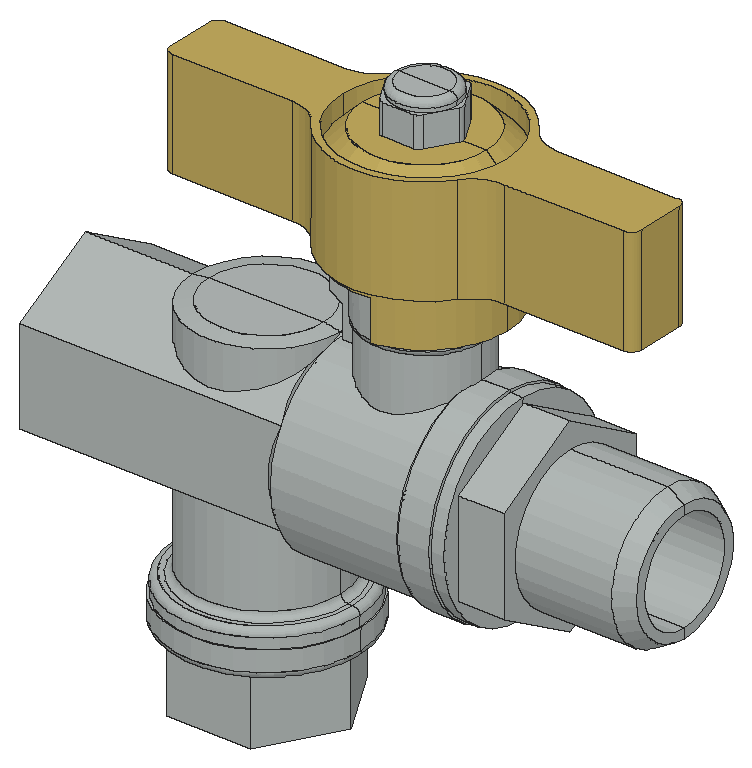
Revit family "QP11280000", category Apparecchi idraulici, Revit 2020
Family settings
  Quota connettore circolare = Usa diametro
  Tipo di parte = Normale
  Numero OmniClass = 23.45.00.00
  Titolo OmniClass = Sanitary, Laundry, and Cleaning Equipment
  Basato su piano di lavoro = No
  Sempre verticale = Sì
  Taglio con vuoti quando caricato = No
  Condiviso = No
  Punto di calcolo locali = No
Parameters
  URL = "https://web.cimberio.com/index.php/figura/1659?subcategoria_id="
  Temperatura di esercizio = ""
  Prospetto di default = 0 mm
  Produttore = "CIMBERIO SPA"
  Pressione nominale = ""
  Modello = "Cim 620MAG"
  Materiale = ""
  Description = ""
  DN Model [instance] = QP11281015 : QP11281015
  DN [instance] = 15 mm
  Commenti sul tipo = "Realizzato in ottemperanza ai requisiti gestionali della norma EN ISO 9001.\r\nCollaudato al 100% secondo la normativa EN 12266-1"
Reference planes
  plane 1 "Centro (Fronte/Retro)": y = 0
  plane 2: z = 0
  plane 3 "Centro (Sinistra/Destra)": x = 0
Dimensions and locks
  aligned and locked: level to plane 2
Nested families
  nested 1: "QP11281015" at (0, 0, 0), type <- "DN Model", type "QP11281015"
  nested 2: "QP11281015" at (0, 0, 0), type <- "DN Model", type "QP11281015"
  nested 3: "QP11281015" at (0, 0, 0), type <- "DN Model", type "QP11281015"
Connectors
  piping at (38.6, 0, 0), diameter 15, driven by "DN"
    settings: on nested 1, index 1, connector inside diameter 609.6 mm, connector length 0 mm, flow factor 0, pipe flow 0.0 L/s, pressure drop 0.0 Pa, fitting loss kfactor 0, connector angle 0.00°, fixture units 0, engagement length 0 mm, angle of deflection 0.00°, flow configuration 0, flow direction 0, fitting loss method 0, system type 7, joint type 0, gender type 0, connector reference index -1, connector utility 0, adjustable connector no, is connector primary yes, connector description ""
  piping at (-50.5, 0, 0), diameter 15, driven by "DN"
    settings: on nested 1, index 2, connector inside diameter 609.6 mm, connector length 0 mm, flow factor 0, pipe flow 0.0 L/s, pressure drop 0.0 Pa, fitting loss kfactor 0, connector angle 0.00°, fixture units 0, engagement length 0 mm, angle of deflection 0.00°, flow configuration 0, flow direction 0, fitting loss method 0, system type 7, joint type 0, gender type 0, connector reference index -1, connector utility 0, adjustable connector no, is connector primary no, connector description ""
Definition of nested family "QP11281015"
  Parameters (values of type "QP11281015")
    Default Elevation = 0 mm
  Reference planes
    plane 1 "Centro (Fronte/Retro)": y = 0
    plane 2: z = 0
    plane 3 "Centro (Sinistra/Destra)": x = 0
  Forms (mm)
    Extrusion 1, solid
      sketch origin (0, 0, 0) x (0, 0, -1) y (0, 1, 0)
        loop
          circle (0, 0) r 7.5
        loop
          line (-14, 0) -> (-7, -12.124) -> (7, -12.124) -> (14, 0) -> (7, 12.124) -> (-7, 12.124) -> (-14, 0)
      from -50.5 to -11
    Extrusion 2, solid
      sketch origin (0, 0, 0) x (0, 0, 1) y (0, -1, 0)
        loop
          circle (0, 0) r 7.5
        loop
          line (14.05, 0) -> (7.025, 12.168) -> (-7.025, 12.168) -> (-14.05, 0) -> (-7.025, -12.168) -> (7.025, -12.168) -> (14.05, 0)
      from 14.6 to 21.6
    Revolve 3, solid
      sketch origin (0, 0, 2.5) x (1, 0, 0) y (0, 0, 1)
        loop
          line (0, 43.3) -> (-9.25, 43.3) -> (-12.25, 40.3) -> (-12.25, 20.3) -> (-7.802, 20.3) -> (-7.802, 39.889) -> (0, 39.889) -> (0, 43.3)
        axis (0, 43.3) -> (0, 20.3)
      angle from 0 to 360
    Extrusion 4, void
      sketch origin (0, 0, 0) x (1, 0, 0) y (0, 1, 0)
        loop
          arc (-12.226, -0.772) -> (-7.782, -9.46) -> (1.6, -12.145) r 12.25
          line (1.6, -12.145) -> (1.6, -7.898)
          arc (1.6, -7.898) -> (-2.859, -5.409) -> (-4.999, -0.772) r 8.25
          line (-4.999, -0.772) -> (-12.226, -0.772)
      from 21.96 to 28.8
    Extrusion 5, solid
      sketch origin (-0.001, 0, 0) x (1, -0.000098, 0) y (0.000098, 1, 0)
        loop
          arc (-2.307, 5) -> (-2.809, 4.865) -> (-3.177, 4.498) r 1.004
          line (-3.177, 4.498) -> (-5.487, 0.496)
          arc (-5.487, 0.496) -> (-5.62, 0) -> (-5.487, -0.496) r 0.992
          line (-5.487, -0.496) -> (-3.188, -4.478)
          arc (-3.188, -4.478) -> (-2.806, -4.86) -> (-2.284, -5) r 1.043
          line (-2.284, -5) -> (2.288, -5)
          arc (2.288, -5) -> (2.806, -4.861) -> (3.186, -4.481) r 1.038
          line (3.186, -4.481) -> (5.496, -0.481)
          arc (5.496, -0.481) -> (5.625, 0) -> (5.496, 0.481) r 0.963
          line (5.496, 0.481) -> (3.176, 4.499)
          arc (3.176, 4.499) -> (2.809, 4.866) -> (2.309, 5) r 1.001
          line (2.309, 5) -> (-2.307, 5)
      from 45.8 to 50.3
    Revolve 6, solid
      sketch origin (0, 0, 0) x (1, 0, 0) y (0, 0, 1)
        loop
          line (0, 51.8) -> (0, 49.926) -> (4.75, 49.926) -> (4.75, 50.8)
          arc (4.75, 50.8) -> (4.457, 51.507) -> (3.75, 51.8) r 1
          line (3.75, 51.8) -> (0, 51.8)
        axis (0, 51.8) -> (0, 49.926)
      angle from 0 to 360
    Revolve 7, solid
      sketch origin (0, 0, 0) x (1, 0, 0) y (0, 0, 1)
        loop
          line (0.067, 27.3) -> (-9, 27.3) -> (-8.874, 20.742)
          arc (-8.874, 20.742) -> (-8.731, 20.295) -> (-8.367, 20) r 0.819
          line (-8.367, 20) -> (-8.367, 7.3) -> (0.067, 7.3) -> (0.067, 27.3)
        axis (0.067, 7.3) -> (0.067, 27.3)
      angle from 0 to 360
    Revolve 8, solid
      sketch origin (0, 0, 0) x (1, 0, 0) y (0, 0, 1)
        loop
          line (12.6, -7.5) -> (-13.15, -7.5) -> (-13.15, -12.65) -> (-11.5, -14.3) -> (7.5, -14.3)
          arc (7.5, -14.3) -> (7.635, -14.732) -> (8, -15) r 0.726
          line (8, -15) -> (12.6, -15) -> (12.6, -7.5)
        axis (12.6, 0) -> (-13.15, 0)
      angle from 0 to 360
    Revolve 9, solid
      sketch origin (0, 0, 0) x (1, 0, 0) y (0, 0, 1)
        loop
          line (12.6, 14.75) -> (12.6, 7.5) -> (14.6, 7.5) -> (14.6, 14.75) -> (12.6, 14.75)
        axis (12.6, 0) -> (14.6, 0)
      angle from 0 to 360
    Extrusion 10, solid
      sketch origin (0, 0, 0) x (1, 0, 0) y (0, 0, 1)
        loop
          line (-13, 26.3) -> (-13, 20) -> (-11, 18.845) -> (-11, 12.307) -> (-7.367, 12.307) -> (-7.367, 26.3) -> (-13, 26.3)
      from 0 to 1.5
    Extrusion 11, solid
      sketch origin (0, 0, 0) x (1, 0, 0) y (0, 1, 0)
        loop
          arc (-33.507, 4.99) -> (-34.568, 4.551) -> (-35.007, 3.49) r 1.5
          line (-35.007, 3.49) -> (-35.007, -3.51)
          arc (-35.007, -3.51) -> (-34.568, -4.571) -> (-33.507, -5.01) r 1.5
          line (-33.507, -5.01) -> (-15.804, -5.01)
          arc (-15.804, -5.01) -> (-13.027, -5.692) -> (-10.88, -7.582) r 6
          arc (-10.88, -7.582) -> (-0.007, -13.26) -> (10.867, -7.582) r 13.25
          arc (10.867, -7.582) -> (13.013, -5.692) -> (15.791, -5.01) r 6
          line (15.791, -5.01) -> (33.493, -5.01)
          arc (33.493, -5.01) -> (34.554, -4.571) -> (34.993, -3.51) r 1.5
          line (34.993, -3.51) -> (34.993, 3.49)
          arc (34.993, 3.49) -> (34.554, 4.551) -> (33.493, 4.99) r 1.5
          line (33.493, 4.99) -> (15.791, 4.99)
          arc (15.791, 4.99) -> (13.013, 5.671) -> (10.867, 7.561) r 6
          arc (10.867, 7.561) -> (-0.007, 13.24) -> (-10.88, 7.561) r 13.25
          arc (-10.88, 7.561) -> (-13.027, 5.671) -> (-15.804, 4.99) r 6
          line (-15.804, 4.99) -> (-33.507, 4.99)
        loop
          circle (0, 0) r 12.25
      from 29.84 to 45.713
    Revolve 12, solid
      sketch origin (0, 0, 0) x (1, 0, 0) y (0, 0, 1)
        loop
          line (-37.5, -24.428) -> (-37.5, -27.428)
          arc (-37.5, -27.428) -> (-37.207, -28.135) -> (-36.5, -28.428) r 1
          line (-36.5, -28.428) -> (-31, -28.428) -> (-31, -24.428) -> (-37.5, -24.428)
        axis (-23.5, -28.428) -> (-23.5, -24.428)
      angle from 0 to 360
    Revolve 13, solid
      sketch origin (0, 0, 0) x (1, 0, 0) y (0, 0, 1)
        loop
          line (-31, -21.928) -> (-36.25, -21.928)
          arc (-36.25, -21.928) -> (-36.957, -22.221) -> (-37.25, -22.928) r 1
          line (-37.25, -22.928) -> (-37.25, -24.428) -> (-31, -24.428) -> (-31, -21.928)
        axis (-23.5, -24.428) -> (-23.5, -21.928)
      angle from 0 to 360
    Revolve 14, solid
      sketch origin (0, 0, 0) x (1, 0, 0) y (0, 0, 1)
        loop
          line (-31, -21.928) -> (-31, 11.872) -> (-23.5, 11.872) -> (-23.5, 14.372) -> (-32, 14.372)
          arc (-32, 14.372) -> (-33.259, 14.247) -> (-34.5, 14) r 13.001
          line (-34.5, 14) -> (-34.5, -20.928)
          arc (-34.5, -20.928) -> (-34.793, -21.635) -> (-35.5, -21.928) r 1
          line (-35.5, -21.928) -> (-31, -21.928)
        axis (-23.5, -21.928) -> (-23.5, 14.372)
      angle from 0 to 360
    Extrusion 15, solid
      sketch origin (-23.5, 0, -24.428) x (0, 1, 0) y (1, 0, 0)
        loop
          circle (0, 0) r 7.5
        loop
          line (0, 12.5) -> (-10.825, 6.25) -> (-10.825, -6.25) -> (0, -12.5) -> (10.825, -6.25) -> (10.825, 6.25) -> (0, 12.5)
      from 3 to 14
    Revolve 16, solid
      sketch origin (0, 0, 0) x (1, 0, 0) y (0, 0, 1)
        loop
          line (38.6, 7.5) -> (38.6, 8.932) -> (36.063, 10.392) -> (21.598, 10.392) -> (21.598, 7.5) -> (38.6, 7.5)
        axis (21.598, 0) -> (38.6, 0)
      angle from 0 to 360
  Cuts and joins
    Extrusion 4 cuts Revolve 3
    joined: Revolve 7, Revolve 8
    joined: Extrusion 1, Revolve 14
  Dimensions and locks
    aligned and locked: level to plane 2
